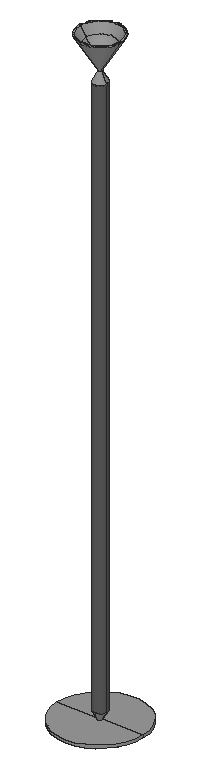
Revit family "Lighting_Floor-Mounted_Pholc_Apollo_Floor", category Lighting Fixtures, Revit 2017
Family settings
  Round Connector Dimension = Use Diameter
  Part Type = Normal
  OmniClass Number = 23.80.70.00
  OmniClass Title = Lighting
  Work Plane-Based = No
  Always vertical = Yes
  Cut with Voids When Loaded = No
  Light Source = Yes
  Shared = No
  Room Calculation Point = No
Parameters (values of type "Apollo 180 Floor - Black Magic")
  Wattage = 9.2903 W
  WarrantyStartDate [instance] = "n/a"
  WarrantyGuarantorParts = "n/a"
  WarrantyGuarantorLabor = "n/a"
  WarrantyDurationUnit = "Years"
  WarrantyDurationParts = "n/a"
  WarrantyDurationLabor = "n/a"
  WarrantyDescription = "n/a"
  built-in parameter 1150110 = 1 (stored number, unit not read)
  VersionDate = "21/04/2020"  # constant formula
  Version = "1"  # constant formula
  UsageCurrent = 0 A
  Uniclass2015Reference = "Pr_70_70_48_32"
  Uniclass2015Description = "Free standing luminaires"
  Uniclass2 = "Pr_70_70_48_32"
  URL = "https://www.pholc.se/our-products/apollo-180-floor/"
  TotalWattage = 7 W
  built-in parameter 1114217 = 1 (stored number, unit not read)
  Tilt Angle = 90.00°
  built-in parameter 1150109 = 1 (stored number, unit not read)
  built-in parameter 1150134 = (empty or 0)
  TagNumber [instance] = "n/a"
  SustainabilityPerformance = "n/a"
  built-in parameter 1150113 = 1 (stored number, unit not read)
  built-in parameter 1010507 = 1.5708 (stored number, unit not read)
  built-in parameter 1010506 = 0.5236 (stored number, unit not read)
  Size = "250x250x1800 mm"
  Shape = "Sculptured"
  SerialNumber [instance] = "n/a"
  Revision = "n/a"
  ReplacementCost = "n/a"
  ProductInformation = "With a composition that alludes to mass and weight, Apollo is a lamp made from a solid piece of machine-turned brass or aluminium."
  PhaseReference = "n/a"
  PhaseAngle = 0.00°
  NumberOfSources = 0
  NumberOfPoles = 1
  NominalWidth = 250 mm
  NominalVoltageCalc = 0 V
  NominalVoltage = 230 V
  NominalRadius = 0 mm
  NominalHeight = 1800 mm
  NominalFrequencyRange = 0 Hz
  NominalDiameter = 0 mm
  NominalDepth = 250 mm
  NominalCurrent = 0 A
  Name = "Pholc_Apollo_Floor"
  NBSReference = "90-60-50/405"
  NBSDescription = "General purpose luminaires"
  ModelReference = ArticleNumber  # "792415"
  ModelNumber = "n/a"
  Model = "Apollo 180 Floor - Black Magic"
  Material = "Aluminium & PVC"
  ManufacturersSpecificInformation = "n/a"
  ManufacturerURL = "https://www.pholc.se/"
  ManufacturerName = "Pholc"
  Manufacturer = "Pholc"
  MaintenanceFactor = 0
  Lumens = 1380 lm
  built-in parameter 1150115 = 1 (stored number, unit not read)
  built-in parameter 1150105 = 4614.1 (stored number, unit not read)
  LightFixtureSecondaryMaterial = Black ink
  LightFixturePlacingType = "Floor"
  LightFixtureMountingType = "FreeStanding"
  LightFixtureMainMaterial = Black Anodized Aluminum
  built-in parameter 1150131 = 3048 mm
  built-in parameter 1150137 = (empty or 0)
  built-in parameter 1150139 = (empty or 0)
  built-in parameter 1150112 = 1 (stored number, unit not read)
  built-in parameter 1150114 = 1 (stored number, unit not read)
  InsulationStandardClass = "Class II"
  InstallationDate [instance] = "n/a"
  built-in parameter 1150132 = 2
  built-in parameter 1150102 = (empty or 0)
  built-in parameter 1150138 = (empty or 0)
  built-in parameter 1150107 = 3000 (stored number, unit not read)
  built-in parameter 1150106 = 46.141 (stored number, unit not read)
  IfcExportType = "NOTDEFINED"  # constant formula
  IfcExportAs = "IfcLightFixtureType"  # constant formula
  IP_Code = "IP 20"
  HasProtectiveEarth = no
  Grade = "n/a"
  Finish = "n/a"
  Features = "n/a"
  ExpectedLife = "n/a"
  Emit from Circle Diameter = 18 mm
  Emit Shape Visible in Rendering = no
  ElectricalDeviceNominalPower = 0
  built-in parameter 1150104 = 13.8 (stored number, unit not read)
  DurationUnit = "Hours"
  Dimming Lamp Color Temperature Shift = <None>
  Designer = "Broberg & Ridderstrale"
  Description = "With a composition that alludes to mass and weight, Apollo is a lamp made from a solid piece of machine-turned brass or aluminium. Its conical shapes balance end-on-end like spinning gyros, emphasising a dynamic, downward, thrusting force. A lamp with a real heightened material presence, with its surfaces left deliberately raw. The Apollo family comes in a range of colours that can be used singularly or hanging in various heights as a group constellation. A new addition to the family is the distinctive Apollo 180 floor lamp, in lacquered or black anodised aluminium. The upward turning conical shapes give an indirect light."
  DefaultElevation = 0 mm
  ConvergoRefNr = "0103-1912-0001-SE"
  Constituents = "n/a"
  Color Filter = 16777215
  Color = "Black"
  Collection = "Apollo"
  CodePerformance = "n/a"
  Category = "Floor"
  Brand = "Pholc"
  Barcode [instance] = "n/a"
  built-in parameter 1114218 = 1 (stored number, unit not read)
  BIMObjectName = "Lighting_Floor-Mounted_Pholc_Apollo_Floor"
  Author = "Convergo AB"  # constant formula
  Light Source Symbol Length = 3048 mm
  AssetType = "Movable"
  AssetIdentifier [instance] = "n/a"
  ArticleNumber = "792415"
  AccessibilityPerformance = "n/a"
Types (3, lengths in mm): name | ModelReference | Model | LightFixtureSecondaryMaterial | LightFixtureMainMaterial | Color | ArticleNumber
  (no name) | "792415" | "Apollo 180 Floor - Black Magic" | Black ink | Black Anodized Aluminum | "Black" | "792415"
  Apollo 180 Floor - Black Magic | "792415" | "Apollo 180 Floor - Black Magic" | Black ink | Black Anodized Aluminum | "Black" | "792415"
  Apollo 180 Floor - Aluminium | "792414" | "Apollo 180 Floor - Aluminium" | Aluminum | Aluminum | "Grey" | "792414"
Reference planes
  plane 1 "Light Source Axis (F/B)": y = 0
  plane 2: z = 0
  plane 3 "Light Source Axis (L/R)": x = 0
  plane 4 "Light Source Elevation": z = 1756
  plane 5: y = 125
  plane 6: y = -125
  plane 7: x = 125
  plane 8: x = -125
  plane 9: z = 1800
Dimensions and locks
  "NominalHeight": plane 9 to plane 2
  equal spacing: plane 8, plane 3 "Light Source Axis (L/R)", plane 7
  "NominalWidth": plane 8 to plane 7
  equal spacing: plane 5, plane 1 "Light Source Axis (F/B)", plane 6
  "NominalDepth": plane 5 to plane 6
  aligned and locked: plane 3 "Light Source Axis (L/R)" to imposter light
  aligned and locked: plane 1 "Light Source Axis (F/B)" to imposter light
  aligned and locked: imposter light to plane 4 "Light Source Elevation"
  aligned and locked: level to plane 2
Nested families
  nested 1: "Apollo_floor" at (0, 0, 0), Metal <- "LightFixtureMainMaterial", Tube <- "LightFixtureSecondaryMaterial", type "Apollo_floor"
    with Tube Black ink, Metal Black Anodized Aluminum
Connectors
  electrical at (0, 0, 8), driven by "NominalVoltage"
    settings: on nested 1, index 1, voltage 230 V, apparent load 0 VA, apparent load phase1 0 VA, apparent load phase2 0 VA, apparent load phase3 0 VA, power factor 1, load classification "Other", number of poles 1, system type 31, power factor state 1, is connector primary yes, connector utility no, sub classification motor no, connector description ""
Definition of nested family "Apollo_floor"
  Parameters (values of type "Apollo_floor")
    Tube [instance] = none
    Metal [instance] = none
  Reference planes
    plane 1 "Center (Front/Back)": y = 0
    plane 2: z = 0
    plane 3 "Center (Left/Right)": x = 0
    plane 4: y = 125
    plane 5: y = -125
    plane 6: x = -125
    plane 7: x = 125
    plane 8: z = 1800
    plane 9: z = 1756
  Forms (mm)
    Revolve 1, solid, material <- "Metal", detail levels medium+fine
      sketch origin (0, 0, 0) x (1, 0, 0) y (0, 0, 1)
        loop
          line (-4, 1705) -> (-19.749, 1675) -> (0, 1675) -> (0, 1720) -> (-11, 1720) -> (-11, 1752.415)
          arc (-11, 1752.415) -> (-11.214, 1753.033) -> (-11.765, 1753.387) r 1
          arc (-11.765, 1753.387) -> (-29.329, 1761.5) -> (-42.478, 1775.691) r 49.823
          line (-42.478, 1775.691) -> (-57.445, 1800) -> (-61.652, 1800)
          arc (-61.652, 1800) -> (-62.061, 1799.76) -> (-62.051, 1799.285) r 0.469
          line (-62.051, 1799.285) -> (-4, 1705)
        loop
          line (-125, 16) -> (-125, 8) -> (0, 8) -> (0, 39) -> (-19.749, 39) -> (-7, 16) -> (-125, 16)
        axis (0, 1800) -> (0, 8)
      angle from 0 to 360
    Revolve 2, solid, material <- "Metal", detail levels medium+fine
      sketch origin (0, 0, 0) x (1, 0, 0) y (0, 0, 1)
        loop
          line (-9.05, 1731.4) -> (0, 1731.4) -> (0, 1756) -> (-9.05, 1756) -> (-9.05, 1731.4)
        axis (0, 1731.4) -> (0, 1756)
      angle from 0 to 360
    Extrusion 3, void
      sketch origin (0, 0, 0) x (1, 0, 0) y (0, 1, 0)
        loop
          arc (-4.5, 7.852) -> (-9.05, 0) -> (-4.5, -7.852) r 9.05
          line (-4.5, -7.852) -> (-4.5, 7.852)
        loop
          arc (4.5, -7.852) -> (9.05, 0) -> (4.5, 7.852) r 9.05
          line (4.5, 7.852) -> (4.5, -7.852)
        loop
          line (3, 7) -> (-3, 7) -> (-3, -7) -> (3, -7) -> (3, 7)
      from 1744 to 1756
    Revolve 4, solid, material <- "Metal", detail levels medium+fine
      sketch origin (86.603, 100, 0) x (1, 0, 0) y (0, 0, 1)
        loop
          line (-96.59, 0) -> (-91.603, 0) -> (-90.603, 1) -> (-90.603, 6) -> (-88.847, 6) -> (-88.847, 8) -> (-96.59, 8) -> (-96.59, 0)
        axis (-86.603, 0) -> (-86.603, 8)
      angle from 0 to 360
    Revolve 5, solid, material <- "Metal", detail levels medium+fine
      sketch origin (43.301, -125, 0) x (-0.5, -0.866025, 0) y (0, 0, 1)
        loop
          line (-96.59, 0) -> (-91.603, 0) -> (-90.603, 1) -> (-90.603, 6) -> (-88.847, 6) -> (-88.847, 8) -> (-96.59, 8) -> (-96.59, 0)
        axis (-86.603, 0) -> (-86.603, 8)
      angle from 0 to 360
    Revolve 6, solid, material <- "Metal", detail levels medium+fine
      sketch origin (-43.301, -125, 0) x (0.5, -0.866025, 0) y (0, 0, -1)
        loop
          line (-96.59, 0) -> (-96.59, -8) -> (-88.847, -8) -> (-88.847, -6) -> (-90.603, -6) -> (-90.603, -1) -> (-91.603, 0) -> (-96.59, 0)
        axis (-86.603, 0) -> (-86.603, -8)
      angle from 0 to 360
    Extrusion 7, solid, material <- "Metal", detail levels coarse
      sketch origin (0, 0, 0) x (1, 0, 0) y (0, 1, 0)
        loop
          line (-125, 125) -> (-125, -125) -> (125, -125) -> (125, 125) -> (-125, 125)
      from 0 to 1800
    Revolve 8, solid, material <- "Tube", detail levels medium+fine
      sketch origin (0, 0, 0) x (1, 0, 0) y (0, 0, 1)
        loop
          line (-19.749, 39) -> (0, 39) -> (0, 1675) -> (-19.749, 1675) -> (-19.749, 39)
        axis (0, 1675) -> (0, 39)
      angle from 0 to 360
  Cuts and joins
    Extrusion 3 cuts Revolve 2
    joined: Revolve 1, Revolve 4, Revolve 5, Revolve 6
  Lines and regions (mm)
    symbolic lines, detail levels medium+fine
      curve 1: line (0, 109.987, 0) -> (0, 109.987, 8)
      curve 2: line (0, 109.987, 0) -> (0, 90.013, 0)
      curve 3: line (0, 90.013, 0) -> (0, 90.013, 8)
      curve 4: line (0, 125, 8) -> (0, 109.987, 8)
      curve 5: line (0, 90.013, 8) -> (0, -90.013, 8)
      curve 6: line (0, 125, 8) -> (0, 125, 16)
      curve 7: line (0, 125, 16) -> (0, 7, 16)
      curve 8: line (0, 7, 16) -> (0, 19.749, 39)
      curve 11: line (0, 19.749, 39) -> (0, 19.749, 1675)
      curve 12: line (0, 19.749, 1675) -> (0, 4, 1705)
      curve 15: line (0, 4, 1705) -> (0, 62.051, 1799.285)
      curve 16: arc (0, 62.051, 1799.285) -> (0, 62.061, 1799.76) -> (0, 61.652, 1800) r 0.469
      curve 17: line (0, 61.652, 1800) -> (0, -61.652, 1800)
      curve 18: line (0, -109.987, 0) -> (0, -109.987, 8)
      curve 19: line (0, -109.987, 0) -> (0, -90.013, 0)
      curve 20: line (0, -90.013, 0) -> (0, -90.013, 8)
      curve 21: line (0, -125, 8) -> (0, -109.987, 8)
      curve 22: line (0, -125, 8) -> (0, -125, 16)
      curve 23: line (0, -7, 16) -> (0, -19.749, 39)
      curve 25: line (0, -19.749, 39) -> (0, -19.749, 1675)
      curve 26: line (0, -19.749, 1675) -> (0, -4, 1705)
      curve 27: line (0, -4, 1705) -> (0, -62.051, 1799.285)
      curve 28: arc (0, -62.051, 1799.285) -> (0, -62.061, 1799.76) -> (0, -61.652, 1800) r 0.469
      curve 29: line (0, -7, 16) -> (0, -125, 16)
      curve 31: line (-96.59, 0, 8) -> (-96.59, 0, 0)
      curve 32: line (-96.59, 0, 0) -> (-76.615, 0, 0)
      curve 33: line (-76.615, 0, 0) -> (-76.615, 0, 8)
      curve 35: line (-76.615, 0, 8) -> (-9.987, 0, 8)
      curve 36: line (-9.987, 0, 8) -> (-9.987, 0, 0)
      curve 37: line (-9.987, 0, 0) -> (9.987, 0, 0)
      curve 38: line (-125, 0, 8) -> (-125, 0, 16)
      curve 39: line (-125, 0, 16) -> (-7, 0, 16)
      curve 41: line (-7, 0, 16) -> (-19.749, 0, 39)
      curve 44: line (9.987, 0, 0) -> (9.987, 0, 8)
      curve 45: line (-96.59, 0, 8) -> (-125, 0, 8)
      curve 46: line (-19.749, 0, 39) -> (-19.749, 0, 1675)
      curve 48: line (-19.749, 0, 1675) -> (-4, 0, 1705)
      curve 50: line (-4, 0, 1705) -> (-62.051, 0, 1799.285)
      curve 51: arc (-61.652, 0, 1800) -> (-62.061, 0, 1799.76) -> (-62.051, 0, 1799.285) r 0.469
      curve 52: line (0, 0, 1800) -> (-61.652, 0, 1800)
      curve 53: line (96.59, 0, 8) -> (96.59, 0, 0)
      curve 54: line (96.59, 0, 0) -> (76.615, 0, 0)
      curve 55: line (76.615, 0, 0) -> (76.615, 0, 8)
      curve 56: line (76.615, 0, 8) -> (9.987, 0, 8)
      curve 57: line (125, 0, 8) -> (125, 0, 16)
      curve 58: line (125, 0, 16) -> (7, 0, 16)
      curve 59: line (7, 0, 16) -> (19.749, 0, 39)
      curve 60: line (96.59, 0, 8) -> (125, 0, 8)
      curve 61: line (19.749, 0, 39) -> (19.749, 0, 1675)
      curve 62: line (19.749, 0, 1675) -> (4, 0, 1705)
      curve 63: line (4, 0, 1705) -> (62.051, 0, 1799.285)
      curve 64: arc (61.652, 0, 1800) -> (62.061, 0, 1799.76) -> (62.051, 0, 1799.285) r 0.469
      curve 65: line (0, 0, 1800) -> (61.652, 0, 1800)
      curve 67: circle (0, 0, 0) r 125 normal (0, 0, -1)
    symbolic lines, detail levels fine
      curve 9: line (0, 109.987, 8) -> (0, 90.013, 8)
      curve 10: line (0, 19.749, 39) -> (0, -19.749, 39)
      curve 13: line (0, 4, 1705) -> (0, -4, 1705)
      curve 14: line (0, 19.749, 1675) -> (0, -19.749, 1675)
      curve 24: line (0, -109.987, 8) -> (0, -90.013, 8)
      curve 30: line (0, 7, 16) -> (0, -7, 16)
      curve 34: line (-96.59, 0, 8) -> (-76.615, 0, 8)
      curve 40: line (-7, 0, 16) -> (7, 0, 16)
      curve 42: line (-19.749, 0, 39) -> (19.749, 0, 39)
      curve 43: line (-9.987, 0, 8) -> (9.987, 0, 8)
      curve 47: line (-19.749, 0, 1675) -> (19.749, 0, 1675)
      curve 49: line (-4, 0, 1705) -> (4, 0, 1705)
      curve 66: line (96.59, 0, 8) -> (76.615, 0, 8)
      curve 68: circle (0, 0, 0) r 57.445 normal (0, 0, 1)
      curve 69: circle (0, 0, 0) r 62.445 normal (0, 0, 1)
      curve 70: circle (0, 0, 0) r 11 normal (0, 0, -1)
  Dimensions and locks
    aligned and locked: level to plane 2
